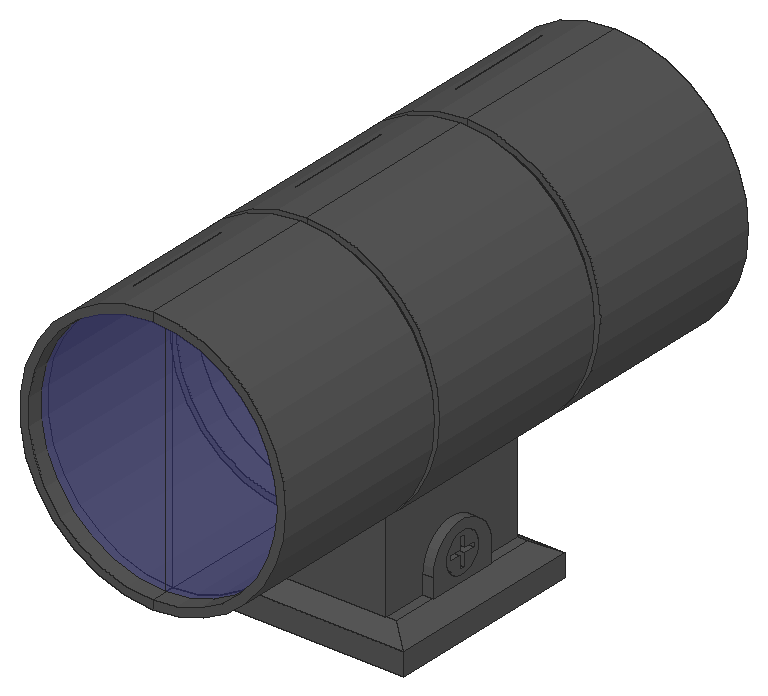
Revit family "CARLO CYLINDER LIGHT WALL MOUNT", category Lighting Fixtures, host Face, Revit 2020 (continued)
Types (10): name | Wattage_Input | Wattage Comments | Wattage | Photometric Web File | built-in parameter 1150142 | Model | built-in parameter 1150105 | Lumens | Light Length 1 | LIGHT RADIUS | LIGHT PLACEMENT | LIGHT LENGTH | LIGHT DIA | built-in parameter 1150106 | FIXED END HEIGHT | Curve base Height | Base Curve | BEAMING ANGLE | Apparent Load
  CCL3-09-10SPSW8-PC-60-WM-BK | 10 W | "6W/8W/10W" | 5.72229 W | "CCL3 10W 3000K 60° (up and down light).IES" | "IESNA:LM-63-2002\r\n[TEST] CCL3 10W 3000K 60¡ã (up and down light)\r\n[TESTLAB] EVERFINE\r\n[TESTDATE] 2024-07-04\r\n[ISSUEDATE] 2024-07-05 00:33:17\r\n[NEARFIELD] \r\n[LAMPPOSITION] 0,0\r\n[OTHER] EVERFINE GO-2000_V1 SYSTEM\r\n[MANUFAC] Aboveall lighting\r\nTILT=NONE\r\n1 1457.8 1 361 73 1 2 0.000 0.000 0.000\r\n1.000 1 9.38932\r\n0.0    0.5    1.0    1.5    2.0    2.5    3.0    3.5    4.0    4.5    \r\n 5.0    5.5    6.0    6.5    7.0    7.5    8.0    8.5    9.0    9.5    \r\n 10.0   10.5   11.0   11.5   12.0   12.5   13.0   13.5   14.0   14.5   \r\n 15.0   15.5   16.0   16.5   17.0   17.5   18.0   18.5   19.0   19.5   \r\n 20.0   20.5   21.0   21.5   22.0   22.5   23.0   23.5   24.0   24.5   \r\n 25.0   25.5   26.0   26.5   27.0   27.5   28.0   28.5   29.0   29.5   \r\n 30.0   30.5   31.0   31.5   32.0   32.5   33.0   33.5   34.0   34.5   \r\n 35.0   35.5   36.0   36.5   37.0   37.5   38.0   38.5   39.0   39.5   \r\n 40.0   40.5   41.0   41.5   42.0   42.5   43.0   43.5   44.0   44.5   \r\n 45.0   45.5   46.0   46.5   47.0   47.5   48.0   48.5   49.0   49.5   \r\n 50.0   50.5   51.0   51.5   52.0   52.5   53.0   53.5   54.0   54.5   \r\n 55.0   55.5   56.0   56.5   57.0   57.5   58.0   58.5   59.0   59.5   \r\n 60.0   60.5   61.0   61.5   62.0   62.5   63.0   63.5   64.0   64.5   \r\n 65.0   65.5   66.0   66.5   67.0   67.5   68.0   68.5   69.0   69.5   \r\n 70.0   70.5   71.0   71.5   72.0   72.5   73.0   73.5   74.0   74.5   \r\n 75.0   75.5   76.0   76.5   77.0   77.5   78.0   78.5   79.0   79.5   \r\n 80.0   80.5   81.0   81.5   82.0   82.5   83.0   83.5   84.0   84.5   \r\n 85.0   85.5   86.0   86.5   87.0   87.5   88.0   88.5   89.0   89.5   \r\n 90.0   90.5   91.0   91.5   92.0   92.5   93.0   93.5   94.0   94.5   \r\n 95.0   95.5   96.0   96.5   97.0   97.5   98.0   98.5   99.0   99.5   \r\n 100.0  100.5  101.0  101.5  102.0  102.5  103.0  103.5  104.0  104.5  \r\n 105.0  105.5  106.0  106.5  107.0  107.5  108.0  108.5  109.0  109.5  \r\n 110.0  110.5  111.0  111.5  112.0  112.5  113.0  113.5  114.0  114.5  \r\n 115.0  115.5  116.0  116.5  117.0  117.5  118.0  118.5  119.0  119.5  \r\n 120.0  120.5  121.0  121.5  122.0  122.5  123.0  123.5  124.0  124.5  \r\n 125.0  125.5  126.0  126.5  127.0  127.5  128.0  128.5  129.0  129.5  \r\n 130.0  130.5  131.0  131.5  132.0  132.5  133.0  133.5  134.0  134.5  \r\n 135.0  135.5  136.0  136.5  137.0  137.5  138.0  138.5  139.0  139.5  \r\n 140.0  140.5  141.0  141.5  142.0  142.5  143.0  143.5  144.0  144.5  \r\n 145.0  145.5  146.0  146.5  147.0  147.5  148.0  148.5  149.0  149.5  \r\n 150.0  150.5  151.0  151.5  152.0  152.5  153.0  153.5  154.0  154.5  \r\n 155.0  155.5  156.0  156.5  157.0  157.5  158.0  158.5  159.0  159.5  \r\n 160.0  160.5  161.0  161.5  162.0  162.5  163.0  163.5  164.0  164.5  \r\n 165.0  165.5  166.0  166.5  167.0  167.5  168.0  168.5  169.0  169.5  \r\n 170.0  170.5  171.0  171.5  172.0  172.5  173.0  173.5  174.0  174.5  \r\n 175.0  175.5  176.0  176.5  177.0  177.5  178.0  178.5  179.0  179.5  \r\n 180.0  \r\n0.0    5.0    10.0   15.0   20.0   25.0   30.0   35.0   40.0   45.0   \r\n 50.0   55.0   60.0   65.0   70.0   75.0   80.0   85.0   90.0   95.0   \r\n 100.0  105.0  110.0  115.0  120.0  125.0  130.0  135.0  140.0  145.0  \r\n 150.0  155.0  160.0  165.0  170.0  175.0  180.0  185.0  190.0  195.0  \r\n 200.0  205.0  210.0  215.0  220.0  225.0  230.0  235.0  240.0  245.0  \r\n 250.0  255.0  260.0  265.0  270.0  275.0  280.0  285.0  290.0  295.0  \r\n 300.0  305.0  310.0  315.0  320.0  325.0  330.0  335.0  340.0  345.0  \r\n 350.0  355.0  360.0  \r\n2.1273 850.71 850.07 848.95 847.54 846.03 844.28 842.16 839.81 837.34 \r\n 834.72 832.11 829.1 825.12 820.78 816.62 812.35 807.84 803.15 798.2 \r\n 793.25 788.78 784.1 778.65 772.54 765.63 758.12 750.21 741.84 732.95 \r\n 723.75 714.48 705.07 695.58 685.84 675.65 665.2 654.6 643.87 633.13 \r\n 622.18 610.75 599.21 588.08 576.64 564.09 551.15 538.13 525.36 513.26 \r\n 501.81 491.21 481.14 471.27 461.75 452.76 443.86 434.55 425.14 415.73 \r\n 406.41 397.36 388.36 379.21 370.05 361.01 351.9 342.71 333.16 323.41 \r\n 312.17 297.87 281.56 263.45 244.52 225.97 207.4 188.94 170.29 150.89 \r\n 131.62 113.26 95.54 78.118 62.08 48.331 37.079 29.085 23.595 20.498 \r\n 18.627 16.657 14.943 13.365 12.025 11.016 10.242 9.6631 9.2007 8.7553 \r\n 8.3517 7.9857 7.6446 7.3106 6.9947 6.7057 6.4327 6.1654 5.9112 5.676 \r\n 5.4537 5.244 5.0365 4.8137 4.5959 4.4028 4.2186 4.0322 3.8498 3.6758 \r\n 3.5049 3.3311 3.1613 2.9999 2.8483 2.7132 2.5832 2.4465 2.3108 2.18 \r\n 2.0542 1.9353 1.8215 1.7107 1.6049 1.5046 1.4123 1.3348 1.2596 1.1824 \r\n 1.1073 1.0361 0.9709 0.91677 0.86667 0.81507 0.76248 0.70495 0.65038 0.60861 \r\n 0.56984 0.5253 0.48178 0.44413 0.40946 0.37586 0.34526 0.32061 0.29699 0.26947 \r\n 0.24098 0.20996 0.18487 0.18008 0.17636 0.15407 0.12881 0.11221 0.09655 0.078041 \r\n 0.056577 0.026168 0.00067114 0 0 0 0 0 0 0 \r\n 0 0 0 0 0 0 0 0 0 0.0029607 \r\n 0.0079125 0.014875 0.023841 0.032832 0.047786 0.079568 0.11142 0.12467 0.13594 0.15837 \r\n 0.18375 0.20777 0.23183 0.2534 0.27992 0.32276 0.36765 0.40031 0.43202 0.47004 \r\n 0.512 0.55836 0.60775 0.65827 0.71183 0.77034 0.83185 0.89392 0.95999 1.036 \r\n 1.112 1.1757 1.2405 1.3165 1.4004 1.4939 1.5924 1.6975 1.8085 1.9236 \r\n 2.0487 2.1947 2.3447 2.4826 2.6167 2.7445 2.8812 3.0485 3.2249 3.3932 \r\n 3.5616 3.7299 3.9061 4.1021 4.3062 4.5085 4.7148 4.9291 5.1473 5.3632 \r\n 5.588 5.8332 6.0923 6.3616 6.6448 6.9432 7.2596 7.5931 7.9558 8.3626 \r\n 8.8034 9.2646 9.7717 10.3 10.987 11.965 13.219 14.766 16.643 18.933 \r\n 21.524 23.864 27.364 33.279 41.524 52.728 65.996 80.664 96.66 113.77 \r\n 131.75 150.13 169.36 190.11 211.29 231.96 252.32 272.59 291.77 309.05 \r\n 324.14 335.99 346.12 355.79 364.82 373.33 381.64 390.21 398.74 406.99 \r\n 415.18 423.5 431.81 440 448.22 456.48 465.05 474.4 484.01 493.38 \r\n 502.97 513 523.67 535.46 547.85 560.62 573.38 585.62 597.45 608.8 \r\n 619.83 630.69 641.26 651.45 661.35 671.07 680.52 689.63 698.47 707.05 \r\n 715.38 723.44 731.26 738.9 746.15 752.5 758.81 766.13 773.32 779.34 \r\n 784.93 790.45 795.97 801.78 807.61 813.36 818.89 824.18 828.73 831.65 \r\n 834.14 837.37 840.54 843.19 845.46 847.32 848.82 850.07 850.9 851.17 \r\n 849.27 \r\n2.1273 850.73 850.04 848.95 847.58 846.06 844.28 842.16 839.84 837.44 \r\n 834.89 832.23 829.16 825.19 820.88 816.71 812.41 807.84 803.12 798.31 \r\n 793.49 788.98 784.19 778.6 772.38 765.49 758.04 750.12 741.74 732.85 \r\n 723.66 714.37 704.95 695.5 685.8 675.57 665.09 654.56 643.87 633 \r\n 621.91 610.46 598.94 587.78 576.31 563.72 550.75 537.72 525.03 513.32 \r\n 502.25 491.73 481.59 471.61 461.96 452.92 443.99 434.66 425.25 415.95 \r\n 406.72 397.66 388.63 379.52 370.39 361.34 352.24 343.1 333.58 323.7 \r\n 312.38 298.25 282.13 264.03 245.03 226.36 207.61 188.84 169.87 150.23 \r\n 130.83 112.48 94.891 77.761 61.985 48.226 36.895 28.899 23.423 20.352 \r\n 18.504 16.535 14.822 13.267 11.951 10.949 10.178 9.6114 9.1611 8.7214 \r\n 8.3204 7.9553 7.6135 7.2774 6.959 6.6685 6.3941 6.125 5.8693 5.6339 \r\n 5.4125 5.2049 4.9993 4.7767 4.5584 4.3643 4.1795 3.9941 3.8133 3.6409 \r\n 3.4713 3.2969 3.1266 2.9667 2.8168 2.6819 2.5515 2.4136 2.2765 2.1439 \r\n 2.0177 1.9031 1.7939 1.6845 1.5795 1.4816 1.3916 1.3149 1.2404 1.1646 \r\n 1.0904 1.0184 0.95195 0.89671 0.84581 0.794 0.74207 0.68734 0.63503 0.59175 \r\n 0.55075 0.50527 0.46206 0.42783 0.39604 0.36005 0.32684 0.30396 0.28299 0.2567 \r\n 0.22901 0.19854 0.17395 0.17035 0.16706 0.14244 0.11451 0.096708 0.081073 0.064185 \r\n 0.045819 0.021012 0.00054348 0 0 0 0 0 0 0 \r\n 0 0 0 0 0 0 0.000024 0.00027602 0.00274 0.010571 \r\n 0.020457 0.029557 0.039612 0.049836 0.064967 0.094303 0.12337 0.13557 0.14662 0.16968 \r\n 0.19585 0.22017 0.24392 0.26385 0.2885 0.32994 0.37424 0.40858 0.44171 0.47783 \r\n 0.5178 0.56516 0.61597 0.66681 0.71977 0.77599 0.8349 0.89524 0.96029 1.0364 \r\n 1.1132 1.179 1.2454 1.3202 1.4034 1.4992 1.6025 1.7096 1.8209 1.9323 \r\n 2.0533 2.1985 2.3482 2.4841 2.6166 2.7457 2.8834 3.0471 3.2198 3.3886 \r\n 3.5584 3.7275 3.904 4.0993 4.3014 4.4982 4.7007 4.9197 5.143 5.3563 \r\n 5.5766 5.8189 6.0751 6.3412 6.6211 6.9161 7.2294 7.5627 7.9221 8.3144 \r\n 8.7397 9.1935 9.695 10.221 10.895 11.829 13.028 14.525 16.351 18.587 \r\n 21.12 23.423 26.819 32.418 40.329 51.396 64.523 78.832 94.508 111.61 \r\n 129.64 147.96 167.08 187.64 208.61 229.11 249.4 269.77 289.18 306.81 \r\n 322.27 334.34 344.61 354.34 363.38 371.94 380.28 388.84 397.34 405.55 \r\n 413.72 422.05 430.35 438.44 446.59 455 463.71 472.87 482.28 491.68 \r\n 501.34 511.38 522.04 533.76 546.1 558.89 571.69 583.96 595.86 607.32 \r\n 618.46 629.42 640.07 650.33 660.29 670 679.46 688.68 697.61 706.23 \r\n 714.56 722.61 730.41 738.03 745.29 751.76 758.2 765.59 772.84 778.97 \r\n 784.64 790.12 795.57 801.33 807.19 813.14 818.85 824.08 828.54 831.47 \r\n 833.99 837.24 840.44 843.13 845.45 847.36 848.9 850.08 850.86 851.17 \r\n 849.27 \r\n2.1273 850.73 850 848.96 847.65 846.1 844.29 842.17 839.88 837.56 \r\n 835.06 832.35 829.23 825.3 821.04 816.87 812.55 807.9 803.15 798.47 \r\n 793.78 789.2 784.29 778.54 772.2 765.36 757.99 750.06 741.65 732.78 \r\n 723.62 714.33 704.9 695.48 685.8 675.52 665 654.56 643.94 632.96 \r\n 621.75 610.29 598.76 587.56 576.03 563.42 550.45 537.41 524.81 513.51 \r\n 502.85 492.42 482.25 472.14 462.35 453.23 444.26 434.91 425.54 416.36 \r\n 407.26 398.19 389.15 380.08 371.01 361.99 352.91 343.82 334.33 324.35 \r\n 312.96 299.03 283.14 265.09 246.04 227.26 208.3 189.13 169.75 149.87 \r\n 130.33 111.97 94.507 77.687 62.188 48.387 36.93 28.878 23.368 20.293 \r\n 18.451 16.474 14.758 13.222 11.926 10.923 10.15 9.593 9.1538 8.7183 \r\n 8.3177 7.9487 7.6016 7.2617 6.9399 6.6461 6.3688 6.0965 5.8384 5.6017 \r\n 5.3801 5.1739 4.9699 4.7474 4.5285 4.3327 4.1465 3.962 3.7825 3.6107 \r\n 3.4412 3.2667 3.0963 2.9377 2.7887 2.6527 2.5204 2.3815 2.2434 2.1083 \r\n 1.9811 1.8711 1.7675 1.6601 1.5566 1.4613 1.3735 1.2967 1.2227 1.1488 \r\n 1.0759 1.0027 0.93419 0.87699 0.82457 0.77224 0.72097 0.6695 0.61977 0.57416 \r\n 0.53008 0.48375 0.44115 0.41036 0.38131 0.34256 0.30634 0.28506 0.26665 0.24149 \r\n 0.21462 0.18506 0.16123 0.1584 0.15511 0.12843 0.097939 0.07793 0.061387 0.04636 \r\n 0.031954 0.014351 0.00037891 0 0 0 0 0 0 0 \r\n 0 0 0 0 0 0 0.000058 0.0015187 0.0066926 0.020527 \r\n 0.036456 0.048321 0.05985 0.071587 0.086934 0.11334 0.13921 0.15079 0.16208 0.18545 \r\n 0.21197 0.23647 0.26001 0.27895 0.30219 0.34159 0.38461 0.42086 0.45582 0.49009 \r\n 0.52801 0.57627 0.62845 0.67969 0.73206 0.78573 0.84165 0.89975 0.96334 1.0393 \r\n 1.1169 1.1854 1.2543 1.3281 1.4106 1.5104 1.6182 1.7275 1.8388 1.9463 \r\n 2.063 2.2072 2.3564 2.4901 2.6208 2.7515 2.8903 3.0503 3.219 3.3872 \r\n 3.5579 3.7282 3.9055 4.0998 4.2992 4.4898 4.6877 4.9116 5.1401 5.3507 \r\n 5.5661 5.8046 6.0572 6.3198 6.596 6.8866 7.1961 7.5296 7.8861 8.2627 \r\n 8.6708 9.1163 9.6116 10.136 10.795 11.677 12.813 14.259 16.031 18.2 \r\n 20.658 22.916 26.188 31.406 38.92 49.827 62.811 76.78 92.166 109.27 \r\n 127.39 145.73 164.8 185.13 205.85 226.18 246.38 266.76 286.33 304.38 \r\n 320.28 332.6 343.03 352.8 361.85 370.46 378.83 387.35 395.79 403.97 \r\n 412.11 420.45 428.74 436.71 444.77 453.36 462.21 471.17 480.35 489.79 \r\n 499.55 509.61 520.26 531.93 544.21 557.02 569.86 582.16 594.1 605.67 \r\n 616.94 628 638.75 649.11 659.14 668.85 678.31 687.63 696.68 705.34 \r\n 713.68 721.73 729.51 737.12 744.39 751 757.58 765.02 772.31 778.57 \r\n 784.34 789.76 795.14 800.86 806.74 812.88 818.76 823.91 828.25 831.22 \r\n 833.82 837.1 840.33 843.07 845.44 847.41 848.98 850.07 850.78 851.15 \r\n 849.27 \r\n2.1273 850.73 849.94 848.97 847.73 846.15 844.29 842.19 839.93 837.68 \r\n 835.23 832.46 829.28 825.41 821.21 817.04 812.69 807.98 803.18 798.62 \r\n 794.03 789.38 784.32 778.4 771.94 765.16 757.88 749.93 741.5 732.66 \r\n 723.53 714.25 704.83 695.41 685.73 675.4 664.85 654.5 643.95 632.89 \r\n 621.57 610.08 598.54 587.27 575.68 563.05 550.1 537.04 524.54 513.63 \r\n 503.36 493.04 482.86 472.66 462.75 453.53 444.5 435.17 425.86 416.81 \r\n 407.83 398.78 389.73 380.72 371.72 362.74 353.7 344.67 335.2 325.14 \r\n 313.7 299.95 284.25 266.26 247.19 228.29 209.1 189.51 169.7 149.59 \r\n 129.93 111.55 94.181 77.666 62.447 48.619 37.048 28.932 23.372 20.28 \r\n 18.433 16.446 14.726 13.207 11.929 10.924 10.147 9.5981 9.1681 8.7356 \r\n 8.3342 7.9586 7.6035 7.2592 6.9338 6.6359 6.3546 6.0789 5.818 5.5795 \r\n 5.357 5.1515 4.9485 4.7263 4.507 4.309 4.121 3.9371 3.7586 3.5866 \r\n 3.4167 3.242 3.0719 2.9144 2.766 2.6278 2.493 2.3533 2.2144 2.0766 \r\n 1.948 1.8425 1.7444 1.6395 1.5378 1.4447 1.3587 1.2813 1.2076 1.1359 \r\n 1.0648 0.99014 0.91903 0.85945 0.80514 0.75214 0.70146 0.65329 0.60611 0.55782 \r\n 0.51037 0.46339 0.42158 0.39392 0.36726 0.32575 0.28652 0.26659 0.25046 0.22629 \r\n 0.20022 0.17183 0.14893 0.14638 0.14263 0.11433 0.081704 0.058938 0.040863 0.027692 \r\n 0.017468 0.0073882 0.00020714 0 0 0 0 0 0 0 \r\n 0 0 0 0 0 0 0.000096 0.0029544 0.011044 0.030973 \r\n 0.052992 0.067637 0.080667 0.09402 0.1097 0.13321 0.15598 0.16734 0.17912 0.20245 \r\n 0.22889 0.25347 0.27692 0.29542 0.3177 0.35474 0.39606 0.43422 0.47114 0.50373 \r\n 0.53973 0.58872 0.6421 0.6938 0.7457 0.79679 0.84963 0.90533 0.96725 1.0428 \r\n 1.1209 1.1926 1.2644 1.3372 1.4191 1.5228 1.6349 1.7462 1.8575 1.9615 \r\n 2.0742 2.2173 2.3658 2.4973 2.6263 2.7585 2.8982 3.0547 3.2195 3.3867 \r\n 3.5575 3.7293 3.9075 4.1007 4.2973 4.4813 4.6744 4.9028 5.1363 5.3442 \r\n 5.5547 5.7893 6.0381 6.2972 6.5696 6.8554 7.1607 7.4942 7.848 8.2094 \r\n 8.6007 9.0379 9.5266 10.048 10.691 11.519 12.59 13.987 15.705 17.799 \r\n 20.172 22.382 25.521 30.333 37.422 48.146 60.986 74.664 89.817 106.96 \r\n 125.18 143.61 162.68 182.78 203.23 223.4 243.49 263.83 283.49 301.96 \r\n 318.33 330.92 341.51 351.33 360.38 369.03 377.43 385.89 394.26 402.4 \r\n 410.51 418.85 427.13 434.96 442.94 451.68 460.67 469.44 478.41 487.9 \r\n 497.76 507.83 518.48 530.09 542.34 555.16 568.04 580.35 592.32 604 \r\n 615.39 626.56 637.42 647.88 657.98 667.7 677.17 686.6 695.76 704.46 \r\n 712.82 720.86 728.64 736.25 743.55 750.29 757.01 764.47 771.78 778.17 \r\n 784.05 789.43 794.72 800.41 806.31 812.63 818.66 823.69 827.91 830.94 \r\n 833.65 836.97 840.22 843.01 845.42 847.45 849.04 850.05 850.67 851.11 \r\n 849.27 \r\n2.1273 850.71 849.87 848.97 847.82 846.2 844.3 842.21 839.97 837.77 \r\n 835.35 832.53 829.31 825.49 821.36 817.18 812.8 808.02 803.19 798.71 \r\n 794.19 789.43 784.22 778.13 771.55 764.82 757.63 749.65 741.18 732.37 \r\n 723.28 714.03 704.62 695.19 685.48 675.1 664.52 654.25 643.78 632.66 \r\n 621.25 609.73 598.15 586.79 575.12 562.48 549.53 536.49 524.08 513.49 \r\n 503.54 493.35 483.19 472.94 462.95 453.65 444.57 435.27 426.04 417.12 \r\n 408.25 399.22 390.19 381.25 372.32 363.41 354.43 345.44 335.99 325.87 \r\n 314.41 300.75 285.16 267.19 248.08 229.06 209.65 189.65 169.44 149.15 \r\n 129.42 111.01 93.709 77.468 62.515 48.725 37.116 28.97 23.379 20.271 \r\n 18.417 16.422 14.703 13.202 11.943 10.939 10.159 9.6166 9.1933 8.7631 \r\n 8.3603 7.9775 7.6143 7.2658 6.937 6.6349 6.3496 6.0707 5.8074 5.5672 \r\n 5.3438 5.1382 4.9354 4.7138 4.4944 4.2943 4.1041 3.9207 3.7431 3.5702 \r\n 3.3994 3.2248 3.0551 2.8985 2.7502 2.6096 2.4722 2.3319 2.1927 2.0523 \r\n 1.9224 1.8204 1.727 1.6247 1.5248 1.4333 1.3481 1.27 1.1964 1.1271 \r\n 1.0579 0.98166 0.90792 0.84595 0.78975 0.73606 0.68585 0.64054 0.59555 0.54471 \r\n 0.49414 0.44679 0.40588 0.38074 0.35591 0.31199 0.27017 0.25124 0.23694 0.21356 \r\n 0.18822 0.16117 0.13928 0.13643 0.13178 0.10246 0.068396 0.042798 0.022869 0.011308 \r\n 0.0048406 0.0013259 0.000057 0 0 0 0 0 0 0 \r\n 0 0 0 0 0 0 0.0001302 0.0043043 0.014982 0.040053 \r\n 0.067145 0.083977 0.098176 0.11307 0.12927 0.15046 0.17075 0.18219 0.19456 0.21747 \r\n 0.24341 0.26796 0.29144 0.30994 0.33172 0.36641 0.40588 0.4457 0.48445 0.51568 \r\n 0.55007 0.59956 0.65383 0.70608 0.75769 0.80639 0.85634 0.90985 0.97015 1.0449 \r\n 1.1231 1.1979 1.2727 1.3448 1.4261 1.5328 1.6483 1.761 1.8723 1.9737 \r\n 2.0832 2.2251 2.3727 2.5025 2.6303 2.7632 2.9032 3.0568 3.2184 3.3844 \r\n 3.555 3.7279 3.9071 4.0993 4.2932 4.4711 4.6595 4.8915 5.1291 5.3346 \r\n 5.541 5
